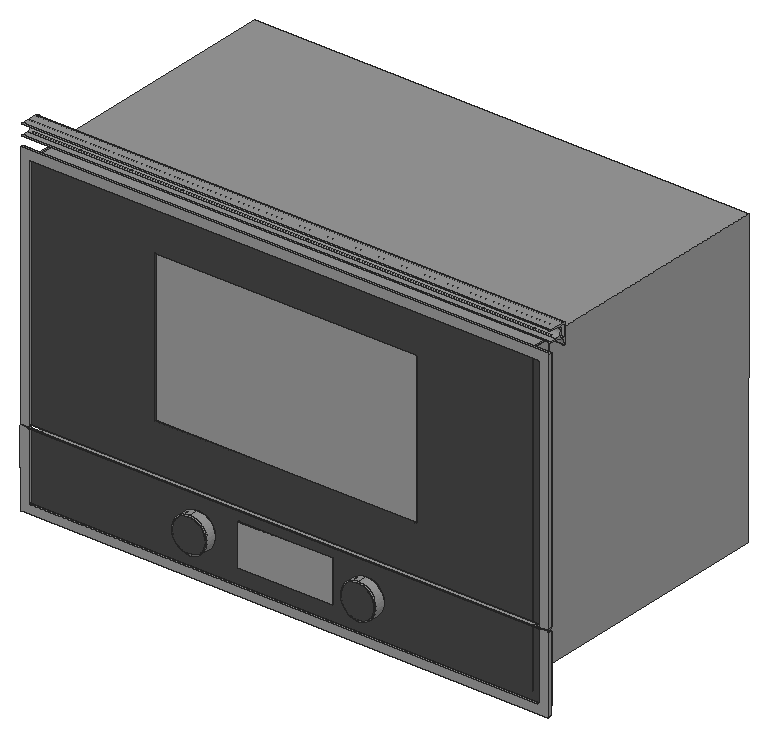
Revit family "ML 822 BI L", category Specialty Equipment, Revit 2017
Family settings
  Round Connector Dimension = Use Diameter
  Part Type = Normal
  Work Plane-Based = No
  Always vertical = Yes
  Cut with Voids When Loaded = No
  Shared = No
  Room Calculation Point = No
Parameters (values of type "ML 822 BIS L")
  Voltage = "220-240"  # constant formula
  URL = "www.teka.cl"
  Panel Interior = Teka_Panel Interior
  Perilla Negro = Teka_Perilla Negro
  Model = "ML 822 BIS L"
  Manufacturer = "Teka"
  Logo Teka = Teka_Logo
  Panel Vidrio = Teka_Panel Vidrio
  Panel Negro = Teka_Panel Negro
  Interior Negro = Teka_Interior Negro
  Fondo = 334 mm
  Description = "Microondas empotrable para muebles de cocina"
  Ca_Web del Representante = "www.teka.cl"
  Ca_Web del Fabricante = "www.teka.com"
  Ca_Usos = "Microondas empotrable para muebles de cocina"
  Ca_Teléfono = "99821 1017"
  Ca_Representante = "Teka"
  Ca_Profundidad Interior = 280 mm
  Ca_Profundidad = 334 mm
  Ca_Producto = "Microondas ML 822 BIS L"
  Ca_Peso = "21,5 kg"
  Ca_País de Fabricación = "Portugal"
  Ca_Medidas de embalaje = "450 x 645 x 440 mm"
  Ca_Material Principal = "Acero inoxidable antihuella"
  Ca_Masterformat = "11 30 13.13"
  Ca_Itemizado CDT = "E 08 06 02"
  Ca_Instalación = "Empotrado"
  Ca_Fabricante = "Teka"
  Ca_Especificaciones Técnicas = "Microondas empotrable para cocina modelo ML 822 BIS L"
  Ca_Código del Producto = "40584300"
  Ca_Código EAN = "8421152145494"
  Ca_Código Catálogo Arquitectura = "465_TEK_015"
  Ca_Creado por = "Catálogo Arquitectura"
  Ca_Contacto = "Khorzella@teka.cl"
  Ca_Clase de Eficiencia Energética = ""
  Ca_Certificaciones = ""
  Ca_Capacidad en Litros = 22
  Ca_Ancho Interior = 350 mm
  Ca_Ancho = 595 mm
  Ca_Alto Interior = 220 mm
  Ca_Alto = 390 mm
  Ca_4_Plato dorador = no
  Ca_4_Parrilla para cocinado = "1"
  Ca_4_Cristal Puerta = 2
  Ca_3_Ventilación de enfriamiento = yes
  Ca_3_Termostato de Seguridad = yes
  Ca_3_Puerta con chip de seguridad = yes
  Ca_3_Grill de resistencia = yes
  Ca_3_Grill de cuarzo integrado = no
  Ca_3_Bloqueo de seguridad del panel = yes
  Ca_2_Tipo de instalación = "Integración"
  Ca_2_Temporizador (minutos) = "90"
  Ca_2_Plato giratorio integrado = no
  Ca_2_Panel de mandos electrónico = no
  Ca_2_Panel de mandos electromecánico = no
  Ca_2_Panel de mandos Touch Control = yes
  Ca_2_Niveles de potencia = "5"
  Ca_2_Microondas + Grill = yes
  Ca_2_Menus de cocción directa = "9"
  Ca_2_Marco de acero inox. opcional = "-"
  Ca_2_Interior cavidad = "Inox"
  Ca_2_Grill Abatible = yes
  Ca_2_Funciones de cocinado = "3"
  Ca_2_Descongelación por tiempo = yes
  Ca_2_Descongelación por peso = yes
  Ca_2_Botón + 30 segundos = no
  Ca_2_Botón + 1 minuto = yes
  Ca_2_Base Cerámica = yes
  Ca_2_Acabado Slim en acero inox antihuella = yes
  Ca_1_Tensión 220-230V = yes
  Ca_1_Potencia turbo W. = "-"
  Ca_1_Potencia salida mwo W. = "850"
  Ca_1_Potencia nominal max. W. = "2500"
  Ca_1_Potencia grill W. = "1200"
  Ca_1_Frecuencia Hz. = "50"
  Borde Ventilación = Teka_Acero Brillante
  Borde Aluminio = Teka_Acero Inox
  Ancho = 595 mm
  Perilla Aluminio = Teka_Acero Inox
  Alto = 390 mm
Reference planes
  plane 1 "Center (Front/Back)": y = 0
  plane 2: z = 0
  plane 3 "Center (Left/Right)": x = 0
  plane 4: z = 390
  plane 5: y = 167
  plane 6: x = -297.5
  plane 7: x = 297.5
  plane 8: y = -167
  plane 9: x = -287
  plane 10: x = 287
  plane 11: z = 390
  plane 12: x = -277.5
  plane 13: x = 277.5
  plane 14: y = -145
  plane 15 "R.Revol": x = 95
Forms (mm)
  Extrusion 1, solid, material "Teka_Panel Vidrio" <- "Panel Vidrio"
    sketch origin (-917.72, -167, 4000) x (-1, 0, 0) y (0, 0, 1)
      loop
        arc (-632.22, -3989.5) -> (-631.159, -3989.061) -> (-630.72, -3988) r 1.5
        line (-630.72, -3988) -> (-630.72, -3915) -> (-1204.72, -3915) -> (-1204.72, -3988)
        arc (-1204.72, -3988) -> (-1204.28, -3989.061) -> (-1203.22, -3989.5) r 1.5
        line (-1203.22, -3989.5) -> (-632.22, -3989.5)
      loop
        line (-630.72, -3910.1) -> (-630.72, -3644.4)
        arc (-630.72, -3644.4) -> (-631.159, -3643.339) -> (-632.22, -3642.9) r 1.5
        line (-632.22, -3642.9) -> (-1203.22, -3642.9)
        arc (-1203.22, -3642.9) -> (-1204.28, -3643.339) -> (-1204.72, -3644.4) r 1.5
        line (-1204.72, -3644.4) -> (-1204.72, -3910.1) -> (-630.72, -3910.1)
      loop
        line (-864.739, -3925.256) -> (-970.7, -3925.256) -> (-970.7, -3971.778) -> (-864.739, -3971.778) -> (-864.739, -3925.256)
    from 0 to 0.8
  Extrusion 2, solid, material "Teka_Acero Inox" <- "Borde Aluminio"
    sketch origin (-917.72, -165.4, 4000) x (-1, 0, 0) y (0, 0, 1)
      loop
        line (-620.22, -3998.5) -> (-620.22, -3914.5)
        arc (-620.22, -3914.5) -> (-620.659, -3913.439) -> (-621.72, -3913) r 1.5
        line (-621.72, -3913) -> (-629.22, -3913)
        arc (-629.22, -3913) -> (-630.28, -3913.439) -> (-630.72, -3914.5) r 1.5
        line (-630.72, -3914.5) -> (-630.72, -3988)
        arc (-630.72, -3988) -> (-631.159, -3989.061) -> (-632.22, -3989.5) r 1.5
        line (-632.22, -3989.5) -> (-1203.22, -3989.5)
        arc (-1203.22, -3989.5) -> (-1204.28, -3989.061) -> (-1204.72, -3988) r 1.5
        line (-1204.72, -3988) -> (-1204.72, -3914.5)
        arc (-1204.72, -3914.5) -> (-1205.159, -3913.439) -> (-1206.22, -3913) r 1.5
        line (-1206.22, -3913) -> (-1213.72, -3913)
        arc (-1213.72, -3913) -> (-1214.78, -3913.439) -> (-1215.22, -3914.5) r 1.5
        line (-1215.22, -3914.5) -> (-1215.22, -3998.5)
        arc (-1215.22, -3998.5) -> (-1214.78, -3999.561) -> (-1213.72, -4000) r 1.5
        line (-1213.72, -4000) -> (-621.72, -4000)
        arc (-621.72, -4000) -> (-620.659, -3999.561) -> (-620.22, -3998.5) r 1.5
      loop
        line (-621.72, -3632.4) -> (-1213.72, -3632.4)
        arc (-1213.72, -3632.4) -> (-1214.78, -3632.839) -> (-1215.22, -3633.9) r 1.5
        line (-1215.22, -3633.9) -> (-1215.22, -3910.6)
        arc (-1215.22, -3910.6) -> (-1214.78, -3911.661) -> (-1213.72, -3912.1) r 1.5
        line (-1213.72, -3912.1) -> (-1206.22, -3912.1)
        arc (-1206.22, -3912.1) -> (-1205.159, -3911.661) -> (-1204.72, -3910.6) r 1.5
        line (-1204.72, -3910.6) -> (-1204.72, -3644.4)
        arc (-1204.72, -3644.4) -> (-1204.28, -3643.339) -> (-1203.22, -3642.9) r 1.5
        line (-1203.22, -3642.9) -> (-632.22, -3642.9)
        arc (-632.22, -3642.9) -> (-631.159, -3643.339) -> (-630.72, -3644.4) r 1.5
        line (-630.72, -3644.4) -> (-630.72, -3910.6)
        arc (-630.72, -3910.6) -> (-630.28, -3911.661) -> (-629.22, -3912.1) r 1.5
        line (-629.22, -3912.1) -> (-621.72, -3912.1)
        arc (-621.72, -3912.1) -> (-620.659, -3911.661) -> (-620.22, -3910.6) r 1.5
        line (-620.22, -3910.6) -> (-620.22, -3633.9)
        arc (-620.22, -3633.9) -> (-620.659, -3632.839) -> (-621.72, -3632.4) r 1.5
    from 0 to -2.6
  Extrusion 3, solid, material "Teka_Panel Negro" <- "Panel Negro"
    sketch origin (-917.72, -166.2, 4000) x (-1, 0, 0) y (0, 0, 1)
      loop
        line (-630.72, -3915) -> (-1204.72, -3915) -> (-1204.72, -3988)
        arc (-1204.72, -3988) -> (-1204.28, -3989.061) -> (-1203.22, -3989.5) r 1.5
        line (-1203.22, -3989.5) -> (-632.22, -3989.5)
        arc (-632.22, -3989.5) -> (-631.159, -3989.061) -> (-630.72, -3988) r 1.5
        line (-630.72, -3988) -> (-630.72, -3915)
      loop
        arc (-1203.22, -3642.9) -> (-1204.28, -3643.339) -> (-1204.72, -3644.4) r 1.5
        line (-1204.72, -3644.4) -> (-1204.72, -3910.1) -> (-630.72, -3910.1) -> (-630.72, -3644.4)
        arc (-630.72, -3644.4) -> (-631.159, -3643.339) -> (-632.22, -3642.9) r 1.5
        line (-632.22, -3642.9) -> (-1203.22, -3642.9)
      loop
        line (-770.72, -3687.4) -> (-1064.72, -3687.4) -> (-1064.72, -3857.1) -> (-770.72, -3857.1) -> (-770.72, -3687.4)
      loop
        line (-864.739, -3925.256) -> (-970.7, -3925.256) -> (-970.7, -3971.778) -> (-864.739, -3971.778) -> (-864.739, -3925.256)
    from 0 to 0.8
  Extrusion 4, solid, material "Teka_Interior Negro" <- "Interior Negro"
    sketch origin (-917.72, -165.4, 4000) x (-1, 0, 0) y (0, 0, 1)
      loop
        line (-640.22, -3915) -> (-1195.22, -3915) -> (-1195.22, -3981)
        arc (-1195.22, -3981) -> (-1194.78, -3982.061) -> (-1193.72, -3982.5) r 1.5
        line (-1193.72, -3982.5) -> (-641.72, -3982.5)
        arc (-641.72, -3982.5) -> (-640.659, -3982.061) -> (-640.22, -3981) r 1.5
        line (-640.22, -3981) -> (-640.22, -3915)
      loop
        line (-640.22, -3634.161) -> (-1195.22, -3634.161) -> (-1195.22, -3910.1) -> (-640.22, -3910.1) -> (-640.22, -3634.161)
    from 0 to 20.4
  Extrusion 5, solid, material "Teka_Acero Inox" <- "Borde Aluminio"
    sketch origin (-287, -1534, 864.408) x (0, 0, 1) y (0, -1, 0)
      loop
        line (-496.808, -1671.5) -> (-496.808, -1389) -> (-829.408, -1389) -> (-829.408, -1671.5) -> (-496.808, -1671.5)
    from 9.5 to 564.5
  Extrusion 6, solid, material "Teka_Panel Interior" <- "Panel Interior"
    sketch origin (-917.72, -145, 4000) x (-1, 0, 0) y (0, 0, 1)
      loop
        line (-770.72, -3687.4) -> (-1064.72, -3687.4) -> (-1064.72, -3857.1) -> (-770.72, -3857.1) -> (-770.72, -3687.4)
    from 0 to -20.4
  Blend 7, solid, material "Teka_Acero Inox" <- "Borde Aluminio"
    base sketch origin (-249.5, 137.5, 0) x (0, 0, 1) y (1, 0, 0)
      loop
        line (135, 84.5) -> (269.1, 84.5)
        arc (269.1, 84.5) -> (286.778, 91.822) -> (294.1, 109.5) r 25
        line (294.1, 109.5) -> (294.1, 389.5)
        arc (294.1, 389.5) -> (286.778, 407.178) -> (269.1, 414.5) r 25
        line (269.1, 414.5) -> (135, 414.5)
        arc (135, 414.5) -> (117.322, 407.178) -> (110, 389.5) r 25
        line (110, 389.5) -> (110, 109.5)
        arc (110, 109.5) -> (117.322, 91.822) -> (135, 84.5) r 25
    top sketch origin (-249.5, 137.5, 0) x (0, 0, 1) y (1, 0, 0)
      loop
        line (266.5, 159.5) -> (266.5, 339.5)
        arc (266.5, 339.5) -> (259.178, 357.178) -> (241.5, 364.5) r 25
        line (241.5, 364.5) -> (185, 364.5)
        arc (185, 364.5) -> (167.322, 357.178) -> (160, 339.5) r 25
        line (160, 339.5) -> (160, 159.5)
        arc (160, 159.5) -> (167.322, 141.822) -> (185, 134.5) r 25
        line (185, 134.5) -> (241.5, 134.5)
        arc (241.5, 134.5) -> (259.178, 141.822) -> (266.5, 159.5) r 25
    from 0 to 29.5
  Extrusion 8, solid, material "Teka_Panel Negro" <- "Panel Negro"
    sketch origin (-287, 137.5, 0) x (0, 0, 1) y (1, 0, 0)
      loop
        line (337.6, 429.5) -> (337.6, 469.5) -> (315.1, 469.5) -> (315.1, 429.5) -> (337.6, 429.5)
    from 0 to 20
  Extrusion 9, solid, material "Teka_Panel Interior" <- "Panel Interior"
    sketch origin (-917.72, -279.5, 4000) x (-1, 0, 0) y (0, 0, 1)
      loop
        line (-864.739, -3925.256) -> (-970.7, -3925.256) -> (-970.7, -3971.778) -> (-864.739, -3971.778) -> (-864.739, -3925.256)
    from 112.5 to 114.1
  Revolve 10, solid, material "Teka_Acero Inox" <- "Perilla Aluminio"
    sketch origin (95, -1.5, -6.513) x (0, -1, 0) y (0, 0, 1)
      loop
        arc (182.5, 78.559) -> (182.079, 79.204) -> (181.368, 79.499) r 1.302
        line (181.368, 79.499) -> (170.658, 79.615) -> (170, 78.263) -> (182.5, 78.559)
      axis (170, 59.744) -> (182.5, 59.744)
    angle from 0 to 360
  Extrusion 11, solid, material "Teka_Perilla Negro" <- "Perilla Negro"
    sketch origin (-917.72, -278, 4000) x (-1, 0, 0) y (0, 0, 1)
      loop
        circle (-1012.685, -3946.75) r 18.5
    from 106.5 to 107.5
  Extrusion 12, solid, material "Teka_Perilla Negro" <- "Perilla Negro"
    sketch origin (-917.72, -278.632, 4000) x (-1, 0, 0) y (0, 0, 1)
      loop
        circle (-1012.72, -3946.768) r 5
    from 108.132 to 110.632
  Extrusion 13, solid, material "Teka_Perilla Negro" <- "Perilla Negro"
    sketch origin (-917.72, -279.5, 4000) x (-1, 0, 0) y (0, 0, 1)
      loop
        circle (-1012.72, -3946.768) r 18.814
    from 95.18 to 96.632
  Revolve 14, solid, material "Teka_Acero Inox" <- "Perilla Aluminio"
    sketch origin (-95, -1.5, -6.513) x (0, -1, 0) y (0, 0, 1)
      loop
        arc (182.5, 78.559) -> (182.079, 79.204) -> (181.368, 79.499) r 1.302
        line (181.368, 79.499) -> (170.658, 79.615) -> (170, 78.263) -> (182.5, 78.559)
      axis (170, 59.744) -> (182.5, 59.744)
    angle from 0 to 360
  Extrusion 15, solid, material "Teka_Perilla Negro" <- "Perilla Negro"
    sketch origin (-1107.72, -278, 4000) x (-1, 0, 0) y (0, 0, 1)
      loop
        circle (-1012.685, -3946.75) r 18.5
    from 106.5 to 107.5
  Extrusion 16, solid, material "Teka_Perilla Negro" <- "Perilla Negro"
    sketch origin (-1107.72, -278.632, 4000) x (-1, 0, 0) y (0, 0, 1)
      loop
        circle (-1012.72, -3946.768) r 5
    from 108.132 to 110.632
  Extrusion 17, solid, material "Teka_Perilla Negro" <- "Perilla Negro"
    sketch origin (-1107.72, -279.5, 4000) x (-1, 0, 0) y (0, 0, 1)
      loop
        circle (-1012.72, -3946.768) r 18.814
    from 95.18 to 96.632
  Extrusion 18, solid, material "Teka_Acero Brillante" <- "Borde Ventilación"
    sketch origin (95, 0, 10.5) x (0, -1, 0) y (0, 0, 1)
      loop
        arc (144.999, 355.728) -> (145.374, 355.353) -> (145.749, 355.728) r 0.375
        arc (145.749, 355.728) -> (149.5, 363.265) -> (157.35, 366.307) r 11.651
        line (157.35, 366.307) -> (164.985, 366.307)
        arc (164.985, 366.307) -> (165.387, 366.696) -> (165.015, 367.115) r 0.404
        line (165.015, 367.115) -> (157.348, 367.115)
        arc (157.348, 367.115) -> (151.755, 372.707) -> (157.348, 378.3) r 5.593
        line (157.348, 378.3) -> (165.047, 378.3)
        arc (165.047, 378.3) -> (165.447, 378.7) -> (165.047, 379.1) r 0.4
        line (165.047, 379.1) -> (145.53, 379.1)
        arc (145.53, 379.1) -> (145.155, 378.945) -> (144.999, 378.57) r 0.531
        line (144.999, 378.57) -> (144.999, 355.728)
      loop
        line (145.755, 377.8) -> (145.755, 364.379)
        arc (145.755, 364.379) -> (146.663, 363.021) -> (148.264, 363.342) r 1.469
        arc (148.264, 363.342) -> (148.637, 363.701) -> (149.023, 364.045) r 12.822
        arc (149.023, 364.045) -> (150.97, 365.416) -> (153.136, 366.403) r 12.822
        arc (153.136, 366.403) -> (153.649, 366.975) -> (153.38, 367.695) r 0.742
        arc (153.38, 367.695) -> (151.912, 369.343) -> (151.092, 371.393) r 6.393
        arc (151.092, 371.393) -> (151.171, 374.353) -> (152.575, 376.96) r 6.393
        arc (152.575, 376.96) -> (152.708, 377.825) -> (151.974, 378.3) r 0.805
        line (151.974, 378.3) -> (146.255, 378.3)
        arc (146.255, 378.3) -> (145.902, 378.154) -> (145.755, 377.8) r 0.5
    from -202.5 to 392.5
  Extrusion 19, solid, material "Teka_Interior Negro" <- "Interior Negro"
    sketch origin (0, 0, 470.672) x (1, 0, 0) y (0, 1, 0)
      loop
        line (278.5, -165.4) -> (296.467, -165.4)
        arc (296.467, -165.4) -> (297.467, -164.4) -> (296.467, -163.4) r 1
        line (296.467, -163.4) -> (280.5, -163.4)
        arc (280.5, -163.4) -> (279.793, -163.107) -> (279.5, -162.4) r 1
        line (279.5, -162.4) -> (279.5, -146.037)
        arc (279.5, -146.037) -> (278.5, -145.037) -> (277.5, -146.037) r 1
        line (277.5, -146.037) -> (277.5, -164.4)
        arc (277.5, -164.4) -> (277.793, -165.107) -> (278.5, -165.4) r 1
    from -380.772 to -104.833
  Extrusion 20, solid, material "Teka_Interior Negro" <- "Interior Negro"
    sketch origin (0, 0, 10.672) x (1, 0, 0) y (0, 1, 0)
      loop
        line (278.5, -165.4) -> (296.467, -165.4)
        arc (296.467, -165.4) -> (297.467, -164.4) -> (296.467, -163.4) r 1
        line (296.467, -163.4) -> (280.5, -163.4)
        arc (280.5, -163.4) -> (279.793, -163.107) -> (279.5, -162.4) r 1
        line (279.5, -162.4) -> (279.5, -146.037)
        arc (279.5, -146.037) -> (278.5, -145.037) -> (277.5, -146.037) r 1
        line (277.5, -146.037) -> (277.5, -164.4)
        arc (277.5, -164.4) -> (277.793, -165.107) -> (278.5, -165.4) r 1
    from -0.172 to 74.328
  Extrusion 21, solid, material "Teka_Interior Negro" <- "Interior Negro"
    sketch origin (0, 0, 470.672) x (-1, 0, 0) y (0, -1, 0)
      loop
        arc (278.5, 165.4) -> (277.793, 165.107) -> (277.5, 164.4) r 1
        line (277.5, 164.4) -> (277.5, 146.037)
        arc (277.5, 146.037) -> (278.5, 145.037) -> (279.5, 146.037) r 1
        line (279.5, 146.037) -> (279.5, 162.4)
        arc (279.5, 162.4) -> (279.793, 163.107) -> (280.5, 163.4) r 1
        line (280.5, 163.4) -> (296.467, 163.4)
        arc (296.467, 163.4) -> (297.467, 164.4) -> (296.467, 165.4) r 1
        line (296.467, 165.4) -> (278.5, 165.4)
    from -380.772 to -104.833
  Extrusion 22, solid, material "Teka_Interior Negro" <- "Interior Negro"
    sketch origin (0, 0, 10.672) x (-1, 0, 0) y (0, -1, 0)
      loop
        arc (278.5, 165.4) -> (277.793, 165.107) -> (277.5, 164.4) r 1
        line (277.5, 164.4) -> (277.5, 146.037)
        arc (277.5, 146.037) -> (278.5, 145.037) -> (279.5, 146.037) r 1
        line (279.5, 146.037) -> (279.5, 162.4)
        arc (279.5, 162.4) -> (279.793, 163.107) -> (280.5, 163.4) r 1
        line (280.5, 163.4) -> (296.467, 163.4)
        arc (296.467, 163.4) -> (297.467, 164.4) -> (296.467, 165.4) r 1
        line (296.467, 165.4) -> (278.5, 165.4)
    from -0.172 to 74.328
Lines and regions (mm)
  Split face 1
    outline origin (-917.72, -184.32, 4000) x (-1, 0, 0) y (0, 0, 1)
      loop
        circle (-1012.685, -3932.918) r 1
  Split face 2
    outline origin (-1107.72, -184.32, 4000) x (-1, 0, 0) y (0, 0, 1)
      loop
        circle (-1012.685, -3932.918) r 1
  Split face 3
    outline origin (-917.72, -167, 4000) x (-1, 0, 0) y (0, 0, 1)
      loop
        line (-903.109, -3888.201) -> (-905.482, -3879.344) -> (-902.761, -3879.344) -> (-903.24, -3877.557) -> (-932.626, -3877.557) -> (-932.147, -3879.344) -> (-907.662, -3879.344) -> (-904.959, -3888.201) -> (-903.109, -3888.201)
  Split face 4
    outline origin (-917.72, -167, 4000) x (-1, 0, 0) y (0, 0, 1)
      loop
        circle (-907.754, -3873.746) r 2.721
  Split face 5
    outline origin (-917.72, -167, 4000) x (-1, 0, 0) y (0, 0, 1)
      loop
        line (-915.12, -3888.201) -> (-917.042, -3881.027) -> (-918.892, -3881.027) -> (-918.175, -3883.703) -> (-920.851, -3881.027) -> (-923.314, -3881.027) -> (-919.675, -3884.666) -> (-922.766, -3888.201) -> (-920.453, -3888.201) -> (-917.787, -3885.152) -> (-916.97, -3888.201) -> (-915.12, -3888.201)
  Split face 6
    outline origin (-917.72, -167, 4000) x (-1, 0, 0) y (0, 0, 1)
      loop
        line (-929.213, -3882.381) -> (-929.576, -3881.027) -> (-931.697, -3881.027) -> (-929.774, -3888.201) -> (-926.406, -3888.201)
        arc (-926.406, -3888.201) -> (-923.175, -3883.055) -> (-929.213, -3882.381) r 3.587
  Split face 7
    outline origin (-917.72, -167, 4000) x (-1, 0, 0) y (0, 0, 1)
      loop
        line (-928.577, -3884.753) -> (-928.09, -3886.573) -> (-926.623, -3886.573)
        arc (-926.623, -3886.573) -> (-925.288, -3883.18) -> (-928.577, -3884.753) r 1.959
  Split face 8
    outline origin (-917.72, -167, 4000) x (-1, 0, 0) y (0, 0, 1)
      loop
        line (-914.895, -3883.782) -> (-910.337, -3886.414) -> (-914.021, -3886.414) -> (-913.542, -3888.201) -> (-911.173, -3888.201)
        arc (-911.173, -3888.201) -> (-908.283, -3881.989) -> (-914.895, -3883.782) r 3.778
  Split face 9
    outline origin (-917.72, -167, 4000) x (-1, 0, 0) y (0, 0, 1)
      loop
        line (-912.936, -3883.405) -> (-909.409, -3885.441)
        arc (-909.409, -3885.441) -> (-910.154, -3882.66) -> (-912.936, -3883.405) r 2.036
  Split face 10
    outline origin (-917.72, -167, 4000) x (-1, 0, 0) y (0, 0, 1)
      loop
        arc (-878.561, -3971.778) -> (-884.643, -3948.497) -> (-878.413, -3925.256) r 47.027
        line (-878.413, -3925.256) -> (-879.561, -3925.256)
        arc (-879.561, -3925.256) -> (-885.643, -3948.498) -> (-879.706, -3971.778) r 48.027
        line (-879.706, -3971.778) -> (-878.561, -3971.778)
  Split face 11
    outline origin (-917.72, -167, 4000) x (-1, 0, 0) y (0, 0, 1)
      loop
        arc (-957.027, -3925.256) -> (-950.797, -3948.497) -> (-956.878, -3971.778) r 47.027
        line (-956.878, -3971.778) -> (-955.733, -3971.778)
        arc (-955.733, -3971.778) -> (-949.797, -3948.498) -> (-955.878, -3925.256) r 48.027
        line (-955.878, -3925.256) -> (-957.027, -3925.256)
  Split face 12
    outline origin (-917.72, -167, 4000) x (-1, 0, 0) y (0, 0, 1)
      loop
        line (-905.118, -3947.428) -> (-905.118, -3945.038) -> (-905.846, -3943.039)
        arc (-905.846, -3943.039) -> (-906.346, -3943.329) -> (-906.62, -3943.838) r 1.059
        line (-906.62, -3943.838) -> (-906.62, -3947.919) -> (-906.047, -3948.525) -> (-905.118, -3947.428)
  Split face 13
    outline origin (-917.72, -167, 4000) x (-1, 0, 0) y (0, 0, 1)
      loop
        line (-906.047, -3949.352) -> (-906.62, -3949.958) -> (-906.62, -3954.04)
        arc (-906.62, -3954.04) -> (-906.346, -3954.549) -> (-905.846, -3954.839) r 1.059
        line (-905.846, -3954.839) -> (-905.118, -3952.84) -> (-905.118, -3950.45) -> (-906.047, -3949.352)
  Split face 14
    outline origin (-917.72, -167, 4000) x (-1, 0, 0) y (0, 0, 1)
      loop
        line (-914.517, -3943.039) -> (-913.97, -3944.541) -> (-910.191, -3944.541) -> (-908.304, -3943.854)
        arc (-908.304, -3943.854) -> (-908.657, -3943.335) -> (-909.21, -3943.039) r 1.314
        line (-909.21, -3943.039) -> (-914.517, -3943.039)
  Split face 15
    outline origin (-917.72, -167, 4000) x (-1, 0, 0) y (0, 0, 1)
      loop
        line (-914.318, -3945.038) -> (-915.046, -3943.039)
        arc (-915.046, -3943.039) -> (-915.546, -3943.329) -> (-915.82, -3943.838) r 1.059
        line (-915.82, -3943.838) -> (-915.82, -3947.919) -> (-915.247, -3948.525) -> (-914.318, -3947.428) -> (-914.318, -3945.038)
  Split face 16
    outline origin (-917.72, -167, 4000) x (-1, 0, 0) y (0, 0, 1)
      loop
        line (-914.09, -3948.232) -> (-914.797, -3948.939) -> (-914.09, -3949.646) -> (-909.89, -3949.646) -> (-909.183, -3948.939) -> (-909.89, -3948.232) -> (-914.09, -3948.232)
  Split face 17
    outline origin (-917.72, -167, 4000) x (-1, 0, 0) y (0, 0, 1)
      loop
        line (-915.247, -3949.352) -> (-915.82, -3949.958) -> (-915.82, -3954.04)
        arc (-915.82, -3954.04) -> (-915.546, -3954.549) -> (-915.046, -3954.839) r 1.059
        line (-915.046, -3954.839) -> (-914.318, -3952.84) -> (-914.318, -3950.45) -> (-915.247, -3949.352)
  Split face 18
    outline origin (-917.72, -167, 4000) x (-1, 0, 0) y (0, 0, 1)
      loop
        line (-910.191, -3953.337) -> (-913.97, -3953.337) -> (-914.517, -3954.839) -> (-909.21, -3954.839)
        arc (-909.21, -3954.839) -> (-908.657, -3954.543) -> (-908.304, -3954.024) r 1.314
        line (-908.304, -3954.024) -> (-910.191, -3953.337)
  Split face 19
    outline origin (-917.72, -167, 4000) x (-1, 0, 0) y (0, 0, 1)
      loop
        line (-918.413, -3952.074) -> (-917.026, -3952.074) -> (-917.026, -3950.687) -> (-918.413, -3950.687) -> (-918.413, -3952.074)
  Split face 20
    outline origin (-917.72, -167, 4000) x (-1, 0, 0) y (0, 0, 1)
      loop
        line (-918.413, -3946.582) -> (-917.026, -3946.582) -> (-917.026, -3945.194) -> (-918.413, -3945.194) -> (-918.413, -3946.582)
  Split face 21
    outline origin (-917.72, -167, 4000) x (-1, 0, 0) y (0, 0, 1)
      loop
        line (-919.62, -3947.919) -> (-919.62, -3944.466) -> (-921.041, -3944.983) -> (-921.041, -3947.8) -> (-920.192, -3948.525) -> (-919.62, -3947.919)
  Split face 22
    outline origin (-917.72, -167, 4000) x (-1, 0, 0) y (0, 0, 1)
      loop
        line (-919.62, -3953.412) -> (-919.62, -3949.958) -> (-920.192, -3949.352) -> (-921.041, -3950.078) -> (-921.041, -3952.894) -> (-919.62, -3953.412)
  Split face 23
    outline origin (-917.72, -167, 4000) x (-1, 0, 0) y (0, 0, 1)
      loop
        line (-921.691, -3953.337) -> (-925.47, -3953.337) -> (-926.017, -3954.839) -> (-920.71, -3954.839)
        arc (-920.71, -3954.839) -> (-920.157, -3954.543) -> (-919.804, -3954.024) r 1.314
        line (-919.804, -3954.024) -> (-921.691, -3953.337)
  Split face 24
    outline origin (-917.72, -167, 4000) x (-1, 0, 0) y (0, 0, 1)
      loop
        line (-921.691, -3944.541) -> (-919.804, -3943.854)
        arc (-919.804, -3943.854) -> (-920.157, -3943.335) -> (-920.71, -3943.039) r 1.314
        line (-920.71, -3943.039) -> (-926.017, -3943.039) -> (-925.47, -3944.541) -> (-921.691, -3944.541)
  Split face 25
    outline origin (-917.72, -167, 4000) x (-1, 0, 0) y (0, 0, 1)
      loop
        line (-926.747, -3948.525) -> (-925.818, -3947.428) -> (-925.818, -3945.038) -> (-926.546, -3943.039)
        arc (-926.546, -3943.039) -> (-927.046, -3943.329) -> (-927.32, -3943.838) r 1.059
        line (-927.32, -3943.838) -> (-927.32, -3947.919) -> (-926.747, -3948.525)
  Split face 26
    outline origin (-917.72, -167, 4000) x (-1, 0, 0) y (0, 0, 1)
      loop
        line (-926.747, -3949.352) -> (-927.32, -3949.958) -> (-927.32, -3954.04)
        arc (-927.32, -3954.04) -> (-927.046, -3954.549) -> (-926.546, -3954.839) r 1.059
        line (-926.546, -3954.839) -> (-925.818, -3952.84) -> (-925.818, -3950.45) -> (-926.747, -3949.352)
  Split face 27
    outline origin (-917.72, -167, 4000) x (-1, 0, 0) y (0, 0, 1)
      loop
        line (-928.82, -3947.919) -> (-928.82, -3944.466) -> (-930.241, -3944.983) -> (-930.241, -3947.8) -> (-929.392, -3948.525) -> (-928.82, -3947.919)
  Split face 28
    outline origin (-917.72, -167, 4000) x (-1, 0, 0) y (0, 0, 1)
      loop
        line (-928.82, -3949.958) -> (-929.392, -3949.352) -> (-930.241, -3950.078) -> (-930.241, -3952.894) -> (-928.82, -3953.412) -> (-928.82, -3949.958)
  Split face 29
    outline origin (-917.72, -167, 4000) x (-1, 0, 0) y (0, 0, 1)
      loop
        line (-930.891, -3953.337) -> (-934.67, -3953.337) -> (-935.217, -3954.839) -> (-929.91, -3954.839)
        arc (-929.91, -3954.839) -> (-929.357, -3954.543) -> (-929.004, -3954.024) r 1.314
        line (-929.004, -3954.024) -> (-930.891, -3953.337)
  Split face 30
    outline origin (-917.72, -167, 4000) x (-1, 0, 0) y (0, 0, 1)
      loop
        line (-935.018, -3950.45) -> (-935.947, -3949.352) -> (-936.52, -3949.958) -> (-936.52, -3954.04)
        arc (-936.52, -3954.04) -> (-936.246, -3954.549) -> (-935.746, -3954.839) r 1.059
        line (-935.746, -3954.839) -> (-935.018, -3952.84) -> (-935.018, -3950.45)
  Split face 31
    outline origin (-917.72, -167, 4000) x (-1, 0, 0) y (0, 0, 1)
      loop
        line (-935.947, -3948.525) -> (-935.018, -3947.428) -> (-935.018, -3945.038) -> (-935.746, -3943.039)
        arc (-935.746, -3943.039) -> (-936.246, -3943.329) -> (-936.52, -3943.838) r 1.059
        line (-936.52, -3943.838) -> (-936.52, -3947.919) -> (-935.947, -3948.525)
  Split face 32
    outline origin (-917.72, -167, 4000) x (-1, 0, 0) y (0, 0, 1)
      loop
        line (-930.891, -3944.541) -> (-929.004, -3943.854)
        arc (-929.004, -3943.854) -> (-929.357, -3943.335) -> (-929.91, -3943.039) r 1.314
        line (-929.91, -3943.039) -> (-935.217, -3943.039) -> (-934.67, -3944.541) -> (-930.891, -3944.541)
  Split face 33
    outline origin (-917.72, -167, 4000) x (-1, 0, 0) y (0, 0, 1)
      loop
        line (-875.722, -3952.215) -> (-871.365, -3952.215) -> (-871.365, -3947.858) -> (-875.722, -3947.858) -> (-875.722, -3952.215)
  Split face 34
    outline origin (-917.72, -167, 4000) x (-1, 0, 0) y (0, 0, 1)
      loop
        line (-871.765, -3951.815) -> (-871.765, -3948.258) -> (-875.322, -3948.258) -> (-875.322, -3951.815) -> (-871.765, -3951.815)
  Split face 35
    outline origin (-917.72, -167, 4000) x (-1, 0, 0) y (0, 0, 1)
      loop
        arc (-872.044, -3946.758) -> (-873.544, -3945.258) -> (-875.044, -3946.758) r 1.5
        line (-875.044, -3946.758) -> (-875.044, -3947.858) -> (-872.044, -3947.858) -> (-872.044, -3946.758)
  Split face 36
    outline origin (-917.72, -167, 4000) x (-1, 0, 0) y (0, 0, 1)
      loop
        line (-872.444, -3947.858) -> (-872.444, -3946.758)
        arc (-872.444, -3946.758) -> (-873.544, -3945.658) -> (-874.644, -3946.758) r 1.1
        line (-874.644, -3946.758) -> (-874.644, -3947.858) -> (-872.444, -3947.858)
  Split face 37
    outline origin (-917.72, -167, 4000) x (-1, 0, 0) y (0, 0, 1)
      loop
        line (-874.223, -3950.176) -> (-874.42, -3951.297) -> (-872.667, -3951.297) -> (-872.864, -3950.176)
        arc (-872.864, -3950.176) -> (-873.544, -3948.794) -> (-874.223, -3950.176) r 0.858
  Split face 38
    outline origin (-917.72, -167, 4000) x (-1, 0, 0) y (0, 0, 1)
      loop
        arc (-873.295, -3950.036) -> (-873.544, -3949.194) -> (-873.792, -3950.036) r 0.458
        line (-873.792, -3950.036) -> (-873.944, -3950.897) -> (-873.144, -3950.897) -> (-873.295, -3950.036)
  Split face 39
    outline origin (-917.72, -167, 4000) x (-1, 0, 0) y (0, 0, 1)
      loop
        line (-960.223, -3929.493) -> (-960.223, -3934.661) -> (-959.423, -3934.661) -> (-959.423, -3929.493) -> (-960.223, -3929.493)
  Split face 40
    outline origin (-917.72, -167, 4000) x (-1, 0, 0) y (0, 0, 1)
      loop
        line (-966.896, -3929.493) -> (-967.696, -3929.493) -> (-967.696, -3934.661) -> (-966.896, -3934.661) -> (-966.896, -3929.493)
  Split face 41
    outline origin (-917.72, -167, 4000) x (-1, 0, 0) y (0, 0, 1)
      loop
        line (-963.608, -3929.651) -> (-964.408, -3929.651) -> (-966.431, -3932.077) -> (-964.408, -3934.503) -> (-963.608, -3934.503) -> (-965.298, -3932.477) -> (-960.723, -3932.477) -> (-960.723, -3931.677) -> (-965.298, -3931.677) -> (-963.608, -3929.651)
  Split face 42
    outline origin (-917.72, -167, 4000) x (-1, 0, 0) y (0, 0, 1)
      loop
        line (-959.423, -3964.817) -> (-965.298, -3964.817) -> (-963.608, -3962.791) -> (-964.408, -3962.791) -> (-966.431, -3965.217) -> (-964.408, -3967.643) -> (-963.608, -3967.643) -> (-965.298, -3965.617) -> (-959.423, -3965.617) -> (-959.423, -3964.817)
  Split face 43
    outline origin (-917.72, -167, 4000) x (-1, 0, 0) y (0, 0, 1)
      loop
        line (-966.896, -3967.801) -> (-966.896, -3962.633) -> (-967.696, -3962.633) -> (-967.696, -3967.801) -> (-966.896, -3967.801)
  Split face 44
    outline origin (-917.72, -167, 4000) x (-1, 0, 0) y (0, 0, 1)
      loop
        circle (-963.868, -3948.301) r 2
  Split face 45
    outline origin (-917.72, -167, 4000) x (-1, 0, 0) y (0, 0, 1)
      loop
        circle (-963.868, -3948.301) r 2.4
  Split face 46
    outline origin (-917.72, -167, 4000) x (-1, 0, 0) y (0, 0, 1)
      loop
        arc (-961.711, -3946.144) -> (-960.818, -3948.301) -> (-961.711, -3950.457) r 3.05
        line (-961.711, -3950.457) -> (-959.943, -3952.225)
        arc (-959.943, -3952.225) -> (-958.318, -3948.301) -> (-959.943, -3944.376) r 5.55
        line (-959.943, -3944.376) -> (-961.711, -3946.144)
  Split face 47
    outline origin (-917.72, -167, 4000) x (-1, 0, 0) y (0, 0, 1)
      loop
        line (-966.024, -3946.144) -> (-967.792, -3944.376)
        arc (-967.792, -3944.376) -> (-969.418, -3948.301) -> (-967.792, -3952.225) r 5.55
        line (-967.792, -3952.225) -> (-966.024, -3950.457)
        arc (-966.024, -3950.457) -> (-966.918, -3948.301) -> (-966.024, -3946.144) r 3.05
  Split face 48
    outline origin (-917.72, -167, 4000) x (-1, 0, 0) y (0, 0, 1)
      loop
        arc (-960.226, -3944.659) -> (-958.718, -3948.301) -> (-960.226, -3951.942) r 5.15
  Split face 49
    outline origin (-917.72, -167, 4000) x (-1, 0, 0) y (0, 0, 1)
      loop
        arc (-960.686, -3945.119) -> (-959.368, -3948.301) -> (-960.686, -3951.483) r 4.5
      loop
        arc (-960.969, -3945.402) -> (-959.768, -3948.301) -> (-960.969, -3951.2) r 4.1
  Split face 50
    outline origin (-917.72, -167, 4000) x (-1, 0, 0) y (0, 0, 1)
      loop
        arc (-961.428, -3945.861) -> (-960.418, -3948.301) -> (-961.428, -3950.74) r 3.45
  Split face 51
    outline origin (-917.72, -167, 4000) x (-1, 0, 0) y (0, 0, 1)
      loop
        arc (-967.509, -3951.942) -> (-969.018, -3948.301) -> (-967.509, -3944.659) r 5.15
  Split face 52
    outline origin (-917.72, -167, 4000) x (-1, 0, 0) y (0, 0, 1)
      loop
        arc (-967.05, -3951.483) -> (-968.368, -3948.301) -> (-967.05, -3945.119) r 4.5
      loop
        arc (-966.767, -3951.2) -> (-967.968, -3948.301) -> (-966.767, -3945.402) r 4.1
  Split face 53
    outline origin (-917.72, -167, 4000) x (-1, 0, 0) y (0, 0, 1)
      loop
        arc (-966.307, -3950.74) -> (-967.318, -3948.301) -> (-966.307, -3945.861) r 3.45
  Split face 54
    outline origin (-917.72, -167, 4000) x (-1, 0, 0) y (0, 0, 1)
      loop
        line (-1004.827, -3978.878) -> (-1004.827, -3975.078) -> (-1008.749, -3975.77) -> (-1008.749, -3979.57) -> (-1004.827, -3978.878)
  Split face 55
    outline origin (-917.72, -167, 4000) x (-1, 0, 0) y (0, 0, 1)
      loop
        line (-1009.149, -3979.278) -> (-1009.149, -3980.078) -> (-1004.427, -3979.207) -> (-1004.427, -3974.678) -> (-1010.727, -3974.678) -> (-1010.727, -3979.278) -> (-1009.149, -3979.278)
  Split face 56
    outline origin (-917.72, -167, 4000) x (-1, 0, 0) y (0, 0, 1)
      loop
        line (-1009.149, -3975.44) -> (-1007.095, -3975.078) -> (-1010.327, -3975.078) -> (-1010.327, -3978.878) -> (-1009.149, -3978.878) -> (-1009.149, -3975.44)
  Split face 57
    outline origin (-917.72, -167, 4000) x (-1, 0, 0) y (0, 0, 1)
      loop
        line (-1014.683, -3978.385) -> (-1016.303, -3975.578) -> (-1017.924, -3978.385) -> (-1014.683, -3978.385)
  Split face 58
    outline origin (-917.72, -167, 4000) x (-1, 0, 0) y (0, 0, 1)
      loop
        line (-1013.903, -3978.835) -> (-1016.303, -3974.678) -> (-1018.703, -3978.835) -> (-1013.903, -3978.835)
  Split face 59
    outline origin (-917.72, -167, 4000) x (-1, 0, 0) y (0, 0, 1)
      loop
        line (-1021.877, -3975.128) -> (-1020.257, -3977.935) -> (-1018.636, -3975.128) -> (-1021.877, -3975.128)
  Split face 60
    outline origin (-917.72, -167, 4000) x (-1, 0, 0) y (0, 0, 1)
      loop
        line (-1017.857, -3974.678) -> (-1022.657, -3974.678) -> (-1020.257, -3978.835) -> (-1017.857, -3974.678)
  Split face 61
    outline origin (-917.72, -167, 4000) x (-1, 0, 0) y (0, 0, 1)
      loop
        line (-827.925, -3974.678) -> (-832.725, -3974.678) -> (-830.325, -3978.835) -> (-827.925, -3974.678)
  Split face 62
    outline origin (-917.72, -167, 4000) x (-1, 0, 0) y (0, 0, 1)
      loop
        line (-828.705, -3975.128) -> (-831.946, -3975.128) -> (-830.325, -3977.935) -> (-828.705, -3975.128)
  Split face 63
    outline origin (-917.72, -167, 4000) x (-1, 0, 0) y (0, 0, 1)
      loop
        line (-826.372, -3975.578) -> (-827.993, -3978.385) -> (-824.752, -3978.385) -> (-826.372, -3975.578)
  Split face 64
    outline origin (-917.72, -167, 4000) x (-1, 0, 0) y (0, 0, 1)
      loop
        line (-823.972, -3978.835) -> (-826.372, -3974.678) -> (-828.772, -3978.835) -> (-823.972, -3978.835)
  Split face 65
    outline origin (-917.72, -167, 4000) x (-1, 0, 0) y (0, 0, 1)
      loop
        circle (-817.674, -3977.178) r 3.1
  Split face 66
    outline origin (-917.72, -167, 4000) x (-1, 0, 0) y (0, 0, 1)
      loop
        circle (-817.674, -3977.178) r 2.5
  Split face 67
    outline origin (-917.72, -167, 4000) x (-1, 0, 0) y (0, 0, 1)
      loop
        line (-818.074, -3978.678) -> (-817.274, -3978.678) -> (-817.274, -3975.678) -> (-818.074, -3975.678) -> (-818.074, -3978.678)
Dimensions and locks
  equal spacing: plane 6, plane 3 "Center (Left/Right)", plane 7
  equal spacing: plane 5, plane 1 "Center (Front/Back)", plane 8
  "Fondo": plane 5 to plane 8
  "Ancho": plane 6 to plane 7
  plane 9 to plane 6 = 10.5 mm
  plane 7 to plane 10 = 10.5 mm
  "Alto": plane 11 to level
  Extrusion 5 to Extrusion 5 = 555 mm
  aligned and locked: level to plane 2
  aligned and locked: plane 10 to Extrusion 2 sketch curve
Automatic sketch dimensions
  plane 10 to Extrusion 1 sketch curve = 0 mm  (x2)
  Extrusion 1 sketch curve to plane 9 = 0 mm  (x2)
  plane 10 to Extrusion 1 sketch curve = 1.5 mm  (x2)
  Extrusion 1 sketch curve to Extrusion 1 sketch curve = 1.5 mm  (x2)
  level to Extrusion 1 sketch curve = 10.5 mm
  Extrusion 1 sketch curve to Extrusion 1 sketch curve = 73 mm
  Extrusion 1 sketch curve to Extrusion 1 sketch curve = 4.9 mm
  Extrusion 1 sketch curve to plane 4 = 34.4 mm
  Extrusion 3 to Extrusion 2 sketch curve = 0 mm
  Extrusion 3 to Extrusion 2 sketch curve = 1.5 mm  (x2)
  Extrusion 2 sketch curve to Extrusion 2 sketch curve = 0 mm  (x4)
  Extrusion 3 to Extrusion 2 sketch curve = 2 mm
  Extrusion 2 sketch curve to Extrusion 2 sketch curve = 7.5 mm  (x2)
  Extrusion 3 to Extrusion 2 sketch curve = 9 mm  (x6)
  Extrusion 3 to Extrusion 2 sketch curve = 0.5 mm  (x3)
  Extrusion 2 sketch curve to Extrusion 2 sketch curve = 1.5 mm  (x4)
  Extrusion 2 sketch curve to Extrusion 3 = 1.5 mm  (x2)
  Extrusion 1 to Extrusion 3 sketch curve = 0 mm  (x2)
  Extrusion 3 sketch curve to Extrusion 1 = 0 mm  (x2)
  Extrusion 3 sketch curve to Extrusion 3 sketch curve = 1.5 mm
  Extrusion 3 sketch curve to Extrusion 1 = 44.5 mm
  Extrusion 3 sketch curve to Extrusion 1 = 140 mm
  Extrusion 3 sketch curve to Extrusion 1 = 17.722 mm
  Extrusion 3 sketch curve to Extrusion 3 sketch curve = 94.019 mm  (x2)
  Extrusion 3 sketch curve to Extrusion 1 = 10.256 mm
  Extrusion 3 sketch curve to Extrusion 3 sketch curve = 105.961 mm
  Extrusion 3 sketch curve to Extrusion 1 = 53 mm
  Extrusion 3 sketch curve to Extrusion 1 = 1.5 mm
  Extrusion 4 sketch curve to Extrusion 3 = 0 mm  (x2)
  Extrusion 4 sketch curve to Extrusion 3 = 9.5 mm  (x2)
  Extrusion 4 sketch curve to Extrusion 4 sketch curve = 0 mm  (x2)
  Extrusion 4 sketch curve to Extrusion 4 sketch curve = 1.5 mm
  Extrusion 4 sketch curve to Extrusion 3 = 11 mm
  Extrusion 4 sketch curve to Extrusion 3 = 8.5 mm
  Extrusion 3 to Extrusion 4 sketch curve = 8.739 mm
  Extrusion 5 sketch curve to plane 14 = 0 mm
  level to Extrusion 5 sketch curve = 35 mm
  Extrusion 5 sketch curve to plane 4 = 22.4 mm
  Extrusion 5 sketch curve to plane 5 = 29.5 mm
  Extrusion 6 sketch curve to Extrusion 4 = 53 mm
  Extrusion 6 sketch curve to Extrusion 4 = 130.5 mm  (x2)
  Extrusion 6 sketch curve to Extrusion 4 = 53.239 mm
  Blend 7 sketch curve to Extrusion 5 = 75 mm
  Blend 7 sketch curve to Blend 7 sketch curve = 25 mm  (x6)
  Extrusion 5 to Blend 7 sketch curve = 98.5 mm  (x2)
  Extrusion 5 to Blend 7 sketch curve = 112.5 mm
  Extrusion 5 to Blend 7 sketch curve = 137.5 mm
  Blend 7 sketch curve to Extrusion 5 = 125 mm
  Blend 7 sketch curve to Blend 7 sketch curve = 56.5 mm  (x2)
  Extrusion 5 to Blend 7 sketch curve = 162.5 mm
  Blend 7 sketch curve to Blend 7 sketch curve = 180 mm
  Extrusion 5 to Extrusion 8 sketch curve = 52.5 mm
  Extrusion 8 sketch curve to Extrusion 8 sketch curve = 22.5 mm
  Extrusion 5 to Extrusion 8 sketch curve = 135 mm
  Extrusion 8 sketch curve to Extrusion 8 sketch curve = 40 mm
  plane 15 "R.Revol" to Extrusion 9 sketch curve = 42.019 mm
  Extrusion 9 sketch curve to plane 3 "Center (Left/Right)" = 52.981 mm
  level to Extrusion 9 sketch curve = 28.222 mm
  Extrusion 9 sketch curve to Extrusion 9 sketch curve = 46.522 mm
  Revolve 10 sketch curve to plane 8 = 4.5 mm
  Revolve 10 sketch curve to Revolve 10 sketch curve = 0.658 mm
  Revolve 10 sketch curve to Revolve 10 sketch curve = 10.59 mm
  Revolve 10 sketch curve to Revolve 10 sketch curve = 0.12 mm
  Revolve 10 sketch curve to Revolve 10 sketch curve = 1.252 mm
  level to Revolve 10 sketch curve = 71.69 mm
  Revolve 10 sketch curve to Revolve 10 sketch curve = 0.06 mm
  Revolve 10 sketch curve to Revolve 10 sketch curve = 0.357 mm
  Revolve 10 sketch curve to Revolve 10 sketch curve = 1.353 mm
  Revolve 10 sketch curve to plane 8 = 2.5 mm
  Revolve 10 sketch curve to Revolve 10 sketch curve = 25.5 mm
  Revolve 10 sketch curve to Revolve 10 sketch curve = 18.518 mm
  plane 15 "R.Revol" to Extrusion 11 sketch curve = 0.034 mm
  level to Extrusion 11 sketch curve = 53.25 mm
  plane 15 "R.Revol" to Extrusion 12 sketch curve = 0 mm
  level to Extrusion 12 sketch curve = 53.232 mm
  plane 15 "R.Revol" to Extrusion 13 sketch curve = 0 mm
  level to Extrusion 13 sketch curve = 53.232 mm
  Revolve 14 sketch curve to plane 8 = 4.5 mm
  Revolve 14 sketch curve to Revolve 14 sketch curve = 0.658 mm
  Revolve 14 sketch curve to Revolve 14 sketch curve = 10.59 mm
  Revolve 14 sketch curve to Revolve 14 sketch curve = 0.12 mm
  Revolve 14 sketch curve to Revolve 14 sketch curve = 1.252 mm
  level to Revolve 14 sketch curve = 71.69 mm
  Revolve 14 sketch curve to Revolve 14 sketch curve = 0.06 mm
  Revolve 14 sketch curve to Revolve 14 sketch curve = 0.357 mm
  Revolve 14 sketch curve to Revolve 14 sketch curve = 1.353 mm
  Revolve 14 sketch curve to plane 8 = 2.5 mm
  Revolve 14 sketch curve to Revolve 14 sketch curve = 25.5 mm
  Revolve 14 sketch curve to Revolve 14 sketch curve = 18.518 mm
  Extrusion 15 sketch curve to plane 3 "Center (Left/Right)" = 95.034 mm
  level to Extrusion 15 sketch curve = 53.25 mm
  Extrusion 16 sketch curve to plane 3 "Center (Left/Right)" = 95 mm
  level to Extrusion 16 sketch curve = 53.232 mm
  Extrusion 17 sketch curve to plane 3 "Center (Left/Right)" = 95 mm
  level to Extrusion 17 sketch curve = 53.232 mm
  Split face 3 sketch curve to Extrusion 1 = 32.543 mm
  Split face 3 sketch curve to Extrusion 1 = 272.093 mm
  Split face 3 sketch curve to Split face 3 sketch curve = 0.479 mm  (x2)
  Split face 3 sketch curve to Split face 3 sketch curve = 24.486 mm
  Split face 3 sketch curve to Extrusion 1 = 30.756 mm
  Split face 3 sketch curve to Split face 3 sketch curve = 2.18 mm
  Split face 3 sketch curve to Split face 3 sketch curve = 0.523 mm
  Split face 3 sketch curve to Split face 3 sketch curve = 2.242 mm
  Split face 3 sketch curve to Split face 3 sketch curve = 1.85 mm
  Split face 3 sketch curve to Split face 3 sketch curve = 0 mm
  Split face 3 sketch curve to Split face 3 sketch curve = 8.856 mm
  Split face 5 sketch curve to Extrusion 1 = 29.073 mm  (x2)
  Split face 5 sketch curve to Extrusion 1 = 281.405 mm
  Split face 5 sketch curve to Split face 5 sketch curve = 0.548 mm
  Split face 5 sketch curve to Split face 5 sketch curve = 2.463 mm
  Split face 5 sketch curve to Extrusion 1 = 21.899 mm  (x2)
  Split face 5 sketch curve to Split face 5 sketch curve = 2.313 mm
  Split face 5 sketch curve to Extrusion 1 = 25.434 mm
  Split face 5 sketch curve to Split face 5 sketch curve = 0.778 mm
  Split face 5 sketch curve to Split face 5 sketch curve = 1.959 mm
  Split face 5 sketch curve to Extrusion 1 = 26.397 mm
  Split face 5 sketch curve to Split face 5 sketch curve = 1.5 mm
  Split face 5 sketch curve to Extrusion 1 = 24.948 mm
  Split face 5 sketch curve to Split face 5 sketch curve = 0.388 mm
  Split face 5 sketch curve to Split face 5 sketch curve = 1.85 mm  (x2)
  Split face 5 sketch curve to Split face 5 sketch curve = 0.817 mm
  Split face 6 sketch curve to Extrusion 1 = 29.073 mm
  Split face 6 sketch curve to Extrusion 1 = 273.023 mm
  Split face 6 sketch curve to Extrusion 1 = 21.899 mm
  Split face 6 sketch curve to Split face 6 sketch curve = 1.922 mm
  Split face 6 sketch curve to Split face 6 sketch curve = 2.121 mm
  Split face 6 sketch curve to Extrusion 1 = 27.719 mm
  Split face 6 sketch curve to Split face 6 sketch curve = 0.363 mm
  Split face 6 sketch curve to Split face 6 sketch curve = 2.807 mm
  Split face 6 sketch curve to Split face 6 sketch curve = 0 mm
  Split face 7 sketch curve to Extrusion 1 = 25.347 mm
  Split face 7 sketch curve to Extrusion 1 = 276.142 mm
  Split face 7 sketch curve to Extrusion 1 = 23.527 mm
  Split face 7 sketch curve to Split face 7 sketch curve = 0.488 mm
  Split face 7 sketch curve to Split face 7 sketch curve = 1.466 mm
  Split face 8 sketch curve to Extrusion 1 = 26.318 mm
  Split face 8 sketch curve to Extrusion 1 = 284.176 mm
  Split face 8 sketch curve to Extrusion 1 = 23.686 mm
  Split face 8 sketch curve to Split face 8 sketch curve = 0.874 mm
  Split face 8 sketch curve to Extrusion 1 = 21.899 mm
  Split face 8 sketch curve to Split face 8 sketch curve = 0.479 mm
  Split face 8 sketch curve to Split face 8 sketch curve = 2.849 mm
  Split face 8 sketch curve to Split face 8 sketch curve = 0.836 mm
  Split face 9 sketch curve to Extrusion 1 = 26.695 mm
  Split face 9 sketch curve to Extrusion 1 = 282.216 mm
  Split face 9 sketch curve to Split face 9 sketch curve = 1.763 mm  (x2)
  Split face 9 sketch curve to Extrusion 1 = 24.659 mm
  Split face 10 sketch curve to Split face 10 sketch curve = 0 mm  (x2)
  Split face 10 sketch curve to Extrusion 9 = 0 mm  (x2)
  Split face 10 sketch curve to Extrusion 9 = 14.967 mm
  Split face 10 sketch curve to Extrusion 9 = 14.822 mm
  Split face 10 sketch curve to Split face 10 sketch curve = 1.145 mm
  Split face 10 sketch curve to Split face 10 sketch curve = 1.149 mm
  Split face 11 sketch curve to Split face 11 sketch curve = 0 mm  (x2)
  Split face 11 sketch curve to Extrusion 9 = 0 mm  (x2)
  Extrusion 9 to Split face 11 sketch curve = 27.123 mm
  Split face 11 sketch curve to Extrusion 9 = 13.674 mm
  Split face 11 sketch curve to Extrusion 9 = 13.822 mm
  Split face 11 sketch curve to Split face 11 sketch curve = 1.149 mm
  Split face 12 sketch curve to Extrusion 9 = 41.881 mm
  Split face 12 sketch curve to Split face 12 sketch curve = 0.573 mm
  Split face 12 sketch curve to Split face 12 sketch curve = 0.773 mm
  Split face 12 sketch curve to Split face 12 sketch curve = 1.034 mm
  Split face 12 sketch curve to Split face 12 sketch curve = 0.467 mm
  Split face 12 sketch curve to Extrusion 9 = 23.252 mm
  Split face 12 sketch curve to Split face 12 sketch curve = 0.606 mm
  Split face 12 sketch curve to Split face 12 sketch curve = 1.098 mm
  Split face 12 sketch curve to Split face 12 sketch curve = 2.389 mm
  Split face 12 sketch curve to Split face 12 sketch curve = 0.973 mm
  Split face 12 sketch curve to Split face 12 sketch curve = 0.228 mm
  Split face 13 sketch curve to Extrusion 9 = 41.881 mm
  Split face 13 sketch curve to Split face 13 sketch curve = 0.573 mm
  Split face 13 sketch curve to Extrusion 9 = 16.939 mm
  Split face 13 sketch curve to Split face 13 sketch curve = 0.773 mm
  Split face 13 sketch curve to Split face 13 sketch curve = 1.034 mm
  Split face 13 sketch curve to Split face 13 sketch curve = 0.929 mm
  Split face 13 sketch curve to Split face 13 sketch curve = 0.799 mm
  Split face 13 sketch curve to Split face 13 sketch curve = 0.973 mm
  Split face 13 sketch curve to Split face 13 sketch curve = 2.389 mm
  Split face 13 sketch curve to Split face 13 sketch curve = 0.492 mm
  Split face 13 sketch curve to Split face 13 sketch curve = 0.606 mm
  Split face 14 sketch curve to Extrusion 9 = 17.783 mm
  Split face 14 sketch curve to Extrusion 9 = 49.778 mm
  Split face 14 sketch curve to Extrusion 9 = 19.285 mm
  Split face 14 sketch curve to Split face 14 sketch curve = 0.547 mm
  Split face 14 sketch curve to Split face 14 sketch curve = 3.779 mm
  Split face 14 sketch curve to Split face 14 sketch curve = 0.656 mm
  Split face 14 sketch curve to Split face 14 sketch curve = 0.325 mm
  Split face 14 sketch curve to Extrusion 9 = 18.598 mm
  Split face 14 sketch curve to Split face 14 sketch curve = 0.907 mm
  Split face 15 sketch curve to Extrusion 9 = 18.582 mm
  Split face 15 sketch curve to Extrusion 9 = 51.081 mm
  Split face 15 sketch curve to Extrusion 9 = 23.252 mm
  Split face 15 sketch curve to Split face 15 sketch curve = 0.573 mm
  Split face 15 sketch curve to Extrusion 9 = 17.783 mm
  Split face 15 sketch curve to Split face 15 sketch curve = 0.773 mm
  Split face 15 sketch curve to Split face 15 sketch curve = 1.034 mm
  Split face 15 sketch curve to Split face 15 sketch curve = 0.467 mm
  Split face 15 sketch curve to Split face 15 sketch curve = 0.606 mm
  Split face 15 sketch curve to Split face 15 sketch curve = 1.098 mm
  Split face 15 sketch curve to Split face 15 sketch curve = 0.973 mm
  Split face 16 sketch curve to Extrusion 9 = 22.839 mm
  Split face 16 sketch curve to Extrusion 9 = 50.058 mm
  Split face 16 sketch curve to Split face 16 sketch curve = 0.707 mm  (x3)
  Split face 16 sketch curve to Extrusion 9 = 22.131 mm
  Split face 16 sketch curve to Split face 16 sketch curve = 4.2 mm
  Split face 16 sketch curve to Split face 16 sketch curve = 0 mm
  Split face 17 sketch curve to Extrusion 9 = 17.737 mm
  Split face 17 sketch curve to Extrusion 9 = 51.081 mm
  Split face 17 sketch curve to Extrusion 9 = 22.425 mm
  Split face 17 sketch curve to Split face 17 sketch curve = 0.573 mm
  Split face 17 sketch curve to Extrusion 9 = 16.939 mm
  Split face 17 sketch curve to Split face 17 sketch curve = 0.773 mm
  Split face 17 sketch curve to Split face 17 sketch curve = 1.034 mm
  Split face 17 sketch curve to Extrusion 9 = 21.327 mm
  Split face 17 sketch curve to Split face 17 sketch curve = 0.929 mm
  Split face 17 sketch curve to Split face 17 sketch curve = 0.973 mm
  Split face 17 sketch curve to Split face 17 sketch curve = 0.606 mm
  Split face 18 sketch curve to Extrusion 9 = 16.939 mm
  Split face 18 sketch curve to Extrusion 9 = 49.778 mm
  Split face 18 sketch curve to Extrusion 9 = 18.44 mm
  Split face 18 sketch curve to Split face 18 sketch curve = 0.547 mm
  Split face 18 sketch curve to Split face 18 sketch curve = 3.779 mm
  Split face 18 sketch curve to Split face 18 sketch curve = 0.656 mm
  Split face 18 sketch curve to Split face 18 sketch curve = 0.325 mm
  Split face 18 sketch curve to Extrusion 9 = 17.754 mm
  Split face 18 sketch curve to Split face 18 sketch curve = 0.907 mm
  Split face 19 sketch curve to Extrusion 9 = 19.703 mm
  Split face 19 sketch curve to Extrusion 9 = 52.287 mm
  Split face 19 sketch curve to Split face 19 sketch curve = 1.388 mm  (x2)
  Split face 20 sketch curve to Extrusion 9 = 21.326 mm
  Split face 20 sketch curve to Extrusion 9 = 52.287 mm
  Split face 20 sketch curve to Split face 20 sketch curve = 1.388 mm  (x2)
  Split face 21 sketch curve to Extrusion 9 = 19.728 mm
  Split face 21 sketch curve to Extrusion 9 = 49.659 mm
  Split face 21 sketch curve to Extrusion 9 = 23.252 mm
  Split face 21 sketch curve to Split face 21 sketch curve = 0.849 mm
  Split face 21 sketch curve to Extrusion 9 = 22.664 mm
  Split face 21 sketch curve to Split face 21 sketch curve = 0.573 mm
  Split face 21 sketch curve to Split face 21 sketch curve = 0.725 mm
  Split face 21 sketch curve to Split face 21 sketch curve = 0.517 mm
  Split face 22 sketch curve to Extrusion 9 = 21.7 mm
  Split face 22 sketch curve to Extrusion 9 = 49.659 mm
  Split face 22 sketch curve to Extrusion 9 = 22.425 mm
  Split face 22 sketch curve to Split face 22 sketch curve = 0.849 mm
  Split face 22 sketch curve to Split face 22 sketch curve = 0.573 mm
  Split face 22 sketch curve to Split face 22 sketch curve = 2.817 mm
  Split face 22 sketch curve to Split face 22 sketch curve = 0.517 mm
  Split face 22 sketch curve to Split face 22 sketch curve = 0.606 mm
  Split face 23 sketch curve to Extrusion 9 = 16.939 mm
  Split face 23 sketch curve to Extrusion 9 = 44.684 mm
  Split face 23 sketch curve to Extrusion 9 = 18.44 mm
  Split face 23 sketch curve to Split face 23 sketch curve = 0.547 mm
  Split face 23 sketch curve to Split face 23 sketch curve = 3.779 mm
  Split face 23 sketch curve to Split face 23 sketch curve = 0.656 mm
  Split face 23 sketch curve to Split face 23 sketch curve = 0.325 mm
  Split face 23 sketch curve to Extrusion 9 = 17.754 mm
  Split face 23 sketch curve to Split face 23 sketch curve = 0.907 mm
  Split face 24 sketch curve to Extrusion 9 = 17.783 mm
  Split face 24 sketch curve to Extrusion 9 = 44.684 mm
  Split face 24 sketch curve to Extrusion 9 = 19.285 mm
  Split face 24 sketch curve to Split face 24 sketch curve = 0.547 mm
  Split face 24 sketch curve to Split face 24 sketch curve = 3.779 mm
  Split face 24 sketch curve to Split face 24 sketch curve = 0.656 mm
  Split face 24 sketch curve to Split face 24 sketch curve = 0.325 mm
  Split face 24 sketch curve to Extrusion 9 = 18.598 mm
  Split face 24 sketch curve to Split face 24 sketch curve = 0.907 mm
  Split face 25 sketch curve to Extrusion 9 = 43.381 mm
  Split face 25 sketch curve to Split face 25 sketch curve = 0.573 mm
  Split face 25 sketch curve to Extrusion 9 = 17.783 mm
  Split face 25 sketch curve to Split face 25 sketch curve = 0.773 mm
  Split face 25 sketch curve to Split face 25 sketch curve = 0.261 mm
  Split face 25 sketch curve to Split face 25 sketch curve = 0.929 mm
  Split face 25 sketch curve to Split face 25 sketch curve = 0.799 mm
  Split face 25 sketch curve to Split face 25 sketch curve = 0.973 mm
  Split face 25 sketch curve to Split face 25 sketch curve = 2.389 mm
  Split face 25 sketch curve to Split face 25 sketch curve = 0.492 mm
  Split face 25 sketch curve to Split face 25 sketch curve = 0.606 mm
  Split face 26 sketch curve to Extrusion 9 = 43.381 mm
  Split face 26 sketch curve to Split face 26 sketch curve = 0.573 mm
  Split face 26 sketch curve to Extrusion 9 = 16.939 mm
  Split face 26 sketch curve to Split face 26 sketch curve = 0.773 mm
  Split face 26 sketch curve to Split face 26 sketch curve = 1.034 mm
  Split face 26 sketch curve to Split face 26 sketch curve = 0.929 mm
  Split face 26 sketch curve to Split face 26 sketch curve = 0.799 mm
  Split face 26 sketch curve to Split face 26 sketch curve = 0.973 mm
  Split face 26 sketch curve to Split face 26 sketch curve = 2.389 mm
  Split face 26 sketch curve to Split face 26 sketch curve = 0.492 mm
  Split face 26 sketch curve to Split face 26 sketch curve = 0.606 mm
  Split face 27 sketch curve to Extrusion 9 = 19.728 mm
  Split face 27 sketch curve to Extrusion 9 = 40.459 mm
  Split face 27 sketch curve to Split face 27 sketch curve = 0.849 mm
  Split face 27 sketch curve to Split face 27 sketch curve = 0.573 mm
  Split face 27 sketch curve to Split face 27 sketch curve = 2.817 mm
  Split face 27 sketch curve to Split face 27 sketch curve = 0.119 mm
  Split face 27 sketch curve to Split face 27 sketch curve = 0.606 mm
  Split face 27 sketch curve to Split face 27 sketch curve = 0.517 mm
  Split face 28 sketch curve to Extrusion 9 = 18.883 mm
  Split face 28 sketch curve to Extrusion 9 = 40.459 mm
  Split face 28 sketch curve to Split face 28 sketch curve = 0.849 mm
  Split face 28 sketch curve to Split face 28 sketch curve = 0.573 mm
  Split face 28 sketch curve to Split face 28 sketch curve = 0.517 mm
  Split face 28 sketch curve to Split face 28 sketch curve = 2.817 mm
  Split face 28 sketch curve to Split face 28 sketch curve = 0.119 mm
  Split face 28 sketch curve to Split face 28 sketch curve = 0.606 mm
  Split face 29 sketch curve to Extrusion 9 = 16.939 mm
  Split face 29 sketch curve to Extrusion 9 = 35.484 mm
  Split face 29 sketch curve to Split face 29 sketch curve = 0.547 mm
  Split face 29 sketch curve to Split face 29 sketch curve = 3.779 mm
  Split face 29 sketch curve to Split face 29 sketch curve = 0.656 mm
  Split face 29 sketch curve to Split face 29 sketch curve = 0.325 mm
  Split face 29 sketch curve to Extrusion 9 = 17.754 mm
  Split face 29 sketch curve to Split face 29 sketch curve = 0.907 mm
  Split face 29 sketch curve to Split face 29 sketch curve = 1.502 mm
  Split face 30 sketch curve to Extrusion 9 = 34.181 mm
  Split face 30 sketch curve to Split face 30 sketch curve = 0.573 mm
  Split face 30 sketch curve to Extrusion 9 = 16.939 mm
  Split face 30 sketch curve to Split face 30 sketch curve = 0.773 mm
  Split face 30 sketch curve to Split face 30 sketch curve = 1.034 mm
  Split face 30 sketch curve to Split face 30 sketch curve = 0.467 mm
  Split face 30 sketch curve to Split face 30 sketch curve = 0.799 mm
  Split face 30 sketch curve to Split face 30 sketch curve = 0.973 mm
  Split face 30 sketch curve to Split face 30 sketch curve = 2.389 mm
  Split face 30 sketch curve to Split face 30 sketch curve = 0.492 mm
  Split face 30 sketch curve to Split face 30 sketch curve = 0.606 mm
  Split face 31 sketch curve to Extrusion 9 = 34.181 mm
